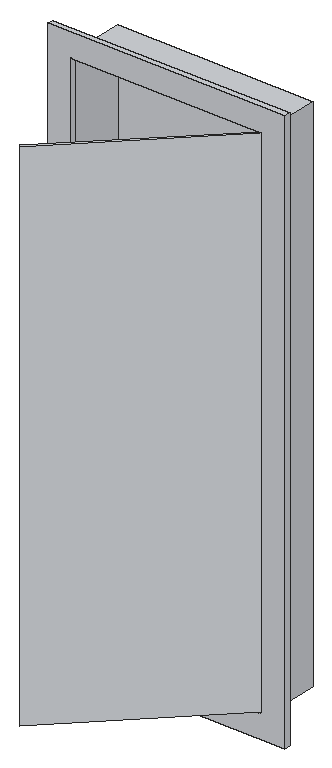
Revit family "Hager-Volta-IP30-Hollow_wall-leer-NoHosted-DE-de", category Electrical Equipment, Revit 2020
Family settings
  Panel Configuration = Two Columns, Circuits Across
  Round Connector Dimension = Use Diameter
  Part Type = Panelboard
  Work Plane-Based = Yes
  Always vertical = Yes
  Cut with Voids When Loaded = No
  Shared = No
  Room Calculation Point = No
Parameters (values of type "Unterputz IP30 B348 H880.5 T98 12 Teilungseinheiten - VH60WWV")
  Width Control [instance] = if([HG000006 - Unterputz], if([EF000846 - Einbaubreite] > min_whd, [EF000846 - Einbaubreite], min_whd), if([EF000008 - Breite] > min_whd, ([EF000008 - Breite]), min_whd))  # 314 mm
  Void Depth [instance] = if([EF000218 - Einbautiefe] > 1 mm, [EF000218 - Einbautiefe], 1 mm)  # 89 mm
  Type Comments = [HG000003 - Bereich]  # "Volta"
  System Height [instance] = Height Control - 2 * [HG000005 - Dicke]  # 839 mm
  Panel Name [instance] = ""  # (empty or 0)
  Offset [instance] = 0 mm
  Model = [HG000004 - Herstellerreferenz]  # "VH60WWV"
  Level Offset [instance] = [Flush Mounted - Door Frame Width] + Offset  # 35 mm
  HG000017 - Distanz zwischen den Polen = 18 mm
  HG000016 - 3D-Türsichtbarkeit [instance] = yes
  HG000015 - Sichtbarkeit der Türöffnung [instance] = no
  HG000014 - Tür rechts [instance] = yes
  HG000013 - Tür links [instance] = not([HG000014 - Tür rechts])  # no
  HG000012 - Türschwenkwinkel [instance] = 45.00°
  HG000011 - Leere Reihen von unten = no
  HG000010 - Asymmetrische Türen = no
  HG000009 - Doppelflügeligen Tür = no
  HG000008 - Anzahl der leeren Reihen = 0
  HG000007 - Anzahl der leeren Spalten = 0
  HG000006 - Unterputz = yes
  HG000005 - Dicke = 3 mm  # constant formula
  HG000004 - Herstellerreferenz = "VH60WWV"
  HG000003 - Bereich = "Volta"
  HG000002 - Mit tür = yes
  HG000001 - Anzahl der Spalten = 0
  EF015941 - Signaldurchlassende Tür = yes
  EF015777 - Neutralleiterklemmenblock = no
  EF015776 - Erdungsklemmenblock = no
  EF009212 - Ausführung Deckel = "EV009916 - mit Ausschnitt"
  EF006306 - Mit Schloss = no
  EF006244 - Transparenter Deckel/Tür = no
  EF005474 - Schutzart (IP) = "EV006410 - IP30"
  EF004462 - Art der Schließung = "EV000154 - sonstige"
  EF002950 - Breite in Teilungseinheiten = 12
  EF001596 - Werkstoff des Gehäuses = "EV000154 - sonstige"
  EF001134 - DIN-Schiene = yes
  EF001131 - Innentiefe = 92 mm
  EF001088 - Anbaumöglichkeit = yes
  EF001062 - EMV-Ausführung = no
  EF000846 - Einbaubreite = 314 mm
  EF000339 - Art der Abdeckung = "EV004216 - Tür"
  EF000332 - Einbauhöhe = 845 mm
  EF000266 - Anzahl der Reihen = 0
  EF000218 - Einbautiefe = 89 mm
  EF000118 - Mit Montageplatte = yes
  EF000116 - RAL-Nummer = "9010"
  EF000049 - Tiefe = 98 mm
  EF000040 - Höhe = 880 mm
  EF000008 - Breite = 348 mm
  EF000007 - Farbe = "EV000202 - weiß"
  EF000003 - Montageart = "EV000128 - Hohlwand"
  Description = ""
  Default Elevation = 1219.2 mm
  Arrow Offset [instance] = Depth Control / 8  # 11.125 mm
  Arrow Height [instance] = Depth Control - Arrow Offset  # 77.875 mm
  Host Offset [instance] = if([HG000006 - Unterputz], 0 mm, [EF000049 - Tiefe])  # 0 mm
  min_whd [instance] = (2 * [HG000005 - Dicke]) + 1 mm  # 7 mm
  Manufacturer = "Hager"  # constant formula
  Height Control [instance] = if([HG000006 - Unterputz], if([EF000332 - Einbauhöhe] > min_whd, [EF000332 - Einbauhöhe], min_whd), if([EF000040 - Höhe] > min_whd, ([EF000040 - Höhe]), min_whd))  # 845 mm
  Flush Mounted - Door Frame Width [instance] = if(([EF000040 - Höhe] - [EF000332 - Einbauhöhe]) > 0 mm, if([HG000006 - Unterputz], [EF000040 - Höhe] - [EF000332 - Einbauhöhe], 0 mm), 0 mm)  # 35 mm
  Depth Control [instance] = if([HG000006 - Unterputz], if([EF000218 - Einbautiefe] > 0 mm, [EF000218 - Einbautiefe], 1 mm), if([EF000049 - Tiefe] > 0 mm, ([EF000049 - Tiefe]), 1 mm))  # 89 mm
Types (22, lengths in mm): name | Void Depth | System Height | Model | Level Offset | HG000004 - Herstellerreferenz | HG000002 - Mit tür | EF015941 - Signaldurchlassende Tür | EF009212 - Ausführung Deckel | EF005474 - Schutzart (IP) | EF004462 - Art der Schließung | EF001596 - Werkstoff des Gehäuses | EF001134 - DIN-Schiene | EF001062 - EMV-Ausführung | EF000339 - Art der Abdeckung | EF000332 - Einbauhöhe | EF000266 - Anzahl der Reihen | EF000218 - Einbautiefe | EF000118 - Mit Montageplatte | EF000049 - Tiefe | EF000040 - Höhe | EF000008 - Breite | Arrow Offset | Arrow Height | Height Control | Flush Mounted - Door Frame Width | Depth Control
  Unterputz  B330 H355 T94.5 12 Teilungseinheiten - VH12NK | 90 | 340 | "VH12NK" | 9 | "VH12NK" | no | no | "EV000116 - geschlossen" | "" | "" | "EV000139 - Kunststoff" | no | yes | "" | 346 | 1 | 90 | no | 94 | 355 | 330 | 11.25 | 78.75 | 346 | 9 | 90
  Unterputz  B330 H484 T94.5 12 Teilungseinheiten - VH24NK | 90 | 465 | "VH24NK" | 13 | "VH24NK" | no | no | "EV000116 - geschlossen" | "" | "" | "EV000139 - Kunststoff" | no | yes | "" | 471 | 2 | 90 | no | 94 | 484 | 330 | 11.25 | 78.75 | 471 | 13 | 90
  Unterputz  B330 H609 T94.5 12 Teilungseinheiten - VH36NK | 90 | 590 | "VH36NK" | 13 | "VH36NK" | no | no | "EV000116 - geschlossen" | "" | "" | "EV000139 - Kunststoff" | no | yes | "" | 596 | 3 | 90 | no | 94 | 609 | 330 | 11.25 | 78.75 | 596 | 13 | 90
  Unterputz  B330 H734 T94.5 12 Teilungseinheiten - VH48NK | 90 | 715 | "VH48NK" | 13 | "VH48NK" | no | no | "EV000116 - geschlossen" | "" | "" | "EV000139 - Kunststoff" | no | yes | "" | 721 | 4 | 90 | no | 94 | 734 | 330 | 11.25 | 78.75 | 721 | 13 | 90
  Unterputz  B330 H880 T94.5 12 Teilungseinheiten - VH60NK | 90 | 840 | "VH60NK" | 34 | "VH60NK" | no | no | "EV000116 - geschlossen" | "" | "" | "EV000139 - Kunststoff" | no | yes | "" | 846 | 5 | 90 | no | 94 | 880 | 330 | 11.25 | 78.75 | 846 | 34 | 90
  Unterputz  B348 H880 T94.5 12 Teilungseinheiten - VH60NKM | 90 | 840 | "VH60NKM" | 34 | "VH60NKM" | no | no | "EV000116 - geschlossen" | "" | "" | "EV000139 - Kunststoff" | yes | no | "" | 846 | 5 | 90 | yes | 94 | 880 | 348 | 11.25 | 78.75 | 846 | 34 | 90
  Unterputz IP30 B348 H505.5 T98 12 Teilungseinheiten - VH24NWB | 89 | 464 | "VH24NWB" | 36 | "VH24NWB" | yes | no | "EV009916 - mit Ausschnitt" | "EV006410 - IP30" | "EV000154 - sonstige" | "EV000154 - sonstige" | yes | no | "EV004216 - Tür" | 470 | 0 | 89 | yes | 98 | 506 | 348 | 11.125 | 77.875 | 470 | 36 | 89
  Unterputz IP30 B348 H630.5 T98 12 Teilungseinheiten - VH36NKM | 89 | 589 | "VH36NKM" | 35 | "VH36NKM" | no | no | "EV000116 - geschlossen" | "EV006410 - IP30" | "" | "EV000139 - Kunststoff" | yes | no | "" | 595 | 0 | 89 | yes | 98 | 630 | 348 | 11.125 | 77.875 | 595 | 35 | 89
  Unterputz IP30 B348 H630.5 T98 12 Teilungseinheiten - VH36NW | 89 | 589 | "VH36NW" | 35 | "VH36NW" | yes | no | "EV009916 - mit Ausschnitt" | "EV006410 - IP30" | "EV000154 - sonstige" | "EV000154 - sonstige" | yes | no | "EV004216 - Tür" | 595 | 0 | 89 | yes | 98 | 630 | 348 | 11.125 | 77.875 | 595 | 35 | 89
  Unterputz IP30 B348 H630.5 T98 12 Teilungseinheiten - VH36NWB | 89 | 589 | "VH36NWB" | 35 | "VH36NWB" | yes | no | "EV009916 - mit Ausschnitt" | "EV006410 - IP30" | "EV000154 - sonstige" | "EV000154 - sonstige" | yes | no | "EV004216 - Tür" | 595 | 0 | 89 | yes | 98 | 630 | 348 | 11.125 | 77.875 | 595 | 35 | 89
  Unterputz IP30 B348 H630.5 T98 12 Teilungseinheiten - VH36WWH | 89 | 589 | "VH36WWH" | 35 | "VH36WWH" | yes | yes | "EV009916 - mit Ausschnitt" | "EV006410 - IP30" | "EV000154 - sonstige" | "EV000154 - sonstige" | yes | no | "EV004216 - Tür" | 595 | 0 | 89 | yes | 98 | 630 | 348 | 11.125 | 77.875 | 595 | 35 | 89
  Unterputz IP30 B348 H755.5 T98 12 Teilungseinheiten - VH48MMV | 89 | 714 | "VH48MMV" | 36 | "VH48MMV" | yes | no | "EV009916 - mit Ausschnitt" | "EV006410 - IP30" | "EV000154 - sonstige" | "EV000154 - sonstige" | yes | no | "EV004216 - Tür" | 720 | 0 | 89 | yes | 98 | 756 | 348 | 11.125 | 77.875 | 720 | 36 | 89
  Unterputz IP30 B348 H755.5 T98 12 Teilungseinheiten - VH48NKM | 89 | 714 | "VH48NKM" | 36 | "VH48NKM" | no | no | "EV000116 - geschlossen" | "EV006410 - IP30" | "" | "EV000139 - Kunststoff" | yes | no | "" | 720 | 0 | 89 | yes | 98 | 756 | 348 | 11.125 | 77.875 | 720 | 36 | 89
  Unterputz IP30 B348 H755.5 T98 12 Teilungseinheiten - VH48NW | 89 | 714 | "VH48NW" | 36 | "VH48NW" | yes | no | "EV009916 - mit Ausschnitt" | "EV006410 - IP30" | "EV000154 - sonstige" | "EV000154 - sonstige" | yes | no | "EV004216 - Tür" | 720 | 0 | 89 | yes | 98 | 756 | 348 | 11.125 | 77.875 | 720 | 36 | 89
  Unterputz IP30 B348 H755.5 T98 12 Teilungseinheiten - VH48NWB | 89 | 714 | "VH48NWB" | 36 | "VH48NWB" | yes | no | "EV009916 - mit Ausschnitt" | "EV006410 - IP30" | "EV000154 - sonstige" | "EV000154 - sonstige" | yes | no | "EV004216 - Tür" | 720 | 0 | 89 | yes | 98 | 756 | 348 | 11.125 | 77.875 | 720 | 36 | 89
  Unterputz IP30 B348 H755.5 T98 12 Teilungseinheiten - VH48WWH | 89 | 714 | "VH48WWH" | 36 | "VH48WWH" | yes | yes | "EV009916 - mit Ausschnitt" | "EV006410 - IP30" | "EV000154 - sonstige" | "EV000154 - sonstige" | yes | no | "EV004216 - Tür" | 720 | 0 | 89 | yes | 98 | 756 | 348 | 11.125 | 77.875 | 720 | 36 | 89
  Unterputz IP30 B348 H755.5 T98 12 Teilungseinheiten - VH48WWV | 89 | 714 | "VH48WWV" | 36 | "VH48WWV" | yes | yes | "EV009916 - mit Ausschnitt" | "EV006410 - IP30" | "EV000154 - sonstige" | "EV000154 - sonstige" | yes | no | "EV004216 - Tür" | 720 | 0 | 89 | yes | 98 | 756 | 348 | 11.125 | 77.875 | 720 | 36 | 89
  Unterputz IP30 B348 H880.5 T98 12 Teilungseinheiten - VH60MMV | 89 | 839 | "VH60MMV" | 35 | "VH60MMV" | yes | no | "EV009916 - mit Ausschnitt" | "EV006410 - IP30" | "EV000154 - sonstige" | "EV000154 - sonstige" | yes | no | "EV004216 - Tür" | 845 | 0 | 89 | yes | 98 | 880 | 348 | 11.125 | 77.875 | 845 | 35 | 89
  Unterputz IP30 B348 H880.5 T98 12 Teilungseinheiten - VH60NW | 89 | 839 | "VH60NW" | 35 | "VH60NW" | yes | no | "EV009916 - mit Ausschnitt" | "EV006410 - IP30" | "EV000154 - sonstige" | "EV000154 - sonstige" | yes | no | "EV004216 - Tür" | 845 | 0 | 89 | yes | 98 | 880 | 348 | 11.125 | 77.875 | 845 | 35 | 89
  Unterputz IP30 B348 H880.5 T98 12 Teilungseinheiten - VH60NWB | 89 | 839 | "VH60NWB" | 35 | "VH60NWB" | yes | no | "EV009916 - mit Ausschnitt" | "EV006410 - IP30" | "EV000154 - sonstige" | "EV000154 - sonstige" | yes | no | "EV004216 - Tür" | 845 | 0 | 89 | yes | 98 | 880 | 348 | 11.125 | 77.875 | 845 | 35 | 89
  Unterputz IP30 B348 H880.5 T98 12 Teilungseinheiten - VH60WWH | 89 | 839 | "VH60WWH" | 35 | "VH60WWH" | yes | yes | "EV009916 - mit Ausschnitt" | "EV006410 - IP30" | "EV000154 - sonstige" | "EV000154 - sonstige" | yes | no | "EV004216 - Tür" | 845 | 0 | 89 | yes | 98 | 880 | 348 | 11.125 | 77.875 | 845 | 35 | 89
  Unterputz IP30 B348 H880.5 T98 12 Teilungseinheiten - VH60WWV | 89 | 839 | "VH60WWV" | 35 | "VH60WWV" | yes | yes | "EV009916 - mit Ausschnitt" | "EV006410 - IP30" | "EV000154 - sonstige" | "EV000154 - sonstige" | yes | no | "EV004216 - Tür" | 845 | 0 | 89 | yes | 98 | 880 | 348 | 11.125 | 77.875 | 845 | 35 | 89
Reference planes
  plane 1 "Center (Front/Back)": y = 0
  plane 2: z = 0
  plane 3 "Center (Left/Right)": x = 0
  plane 4: y = 38
  plane 5: y = 89
  plane 6: y = 35
  plane 7: z = 0
  plane 8: x = -157
  plane 9: x = 157
  plane 10: x = 154
  plane 11: x = -154
  plane 12: z = 35
  plane 13: z = 38
  plane 14: y = 5
  plane 15: y = 0
  plane 16: y = 86
  plane 17: z = 877
  plane 18: z = 880
  plane 19: z = 457.5
  plane 20: x = 0
  plane 21: y = -100
Forms (mm)
  Extrusion 1, solid
    sketch origin (-208.679, -4572, 35) x (-1, 0, 0) y (0, -1, 0)
      loop
        line (-51.679, -4572) -> (-365.679, -4572) -> (-365.679, -4661) -> (-51.679, -4661) -> (-51.679, -4572)
    from 0 to 845 <- "Height Control"
  Extrusion 2, void
    sketch origin (-350.771, 0, 1219.2) x (1, 0, 0) y (0, 0, 1)
      loop
        line (196.771, -342.2) -> (196.771, -1181.2) -> (504.771, -1181.2) -> (504.771, -342.2) -> (196.771, -342.2)
    from 0 to -86
  Extrusion 3, solid, detail levels coarse+medium
    sketch origin (-350.771, 0, 1219.2) x (-1, 0, 0) y (0, 0, 1)
      loop
        line (-196.771, -342.2) -> (-504.771, -342.2) -> (-504.771, -1181.2) -> (-196.771, -1181.2) -> (-196.771, -342.2)
    from 0 to 3 <- "HG000005 - Dicke"
Cuts and joins
  Extrusion 2 cuts Extrusion 1
Dimensions and locks
  "Flush Mounted - Door Frame Width": plane 1 "Center (Front/Back)" to plane 6
  "HG000005 - Dicke": plane 4 to plane 6
  "HG000005 - Dicke": plane 8 to plane 11
  "HG000005 - Dicke": plane 9 to plane 10
  equal spacing: plane 8, plane 3 "Center (Left/Right)", plane 9
  "Width Control": plane 8 to plane 9
  locked: plane 14 to plane 15 at 5
  "Host Offset": plane 1 "Center (Front/Back)" to plane 15
  "Depth Control": plane 5 to plane 15
  "HG000005 - Dicke": plane 5 to plane 16
  "HG000005 - Dicke": plane 13 to plane 12
  "Level Offset": plane 12 to level
  "HG000005 - Dicke": plane 18 to plane 17
  "Height Control": plane 18 to plane 12
  "Arrow Offset": plane 5 to nested 4
  equal spacing: plane 18, plane 19, plane 12
  locked: connector elem to plane 19
  locked: connector elem to plane 3 "Center (Left/Right)"
  aligned and locked: nested 1 to plane 14
  aligned and locked: plane 3 "Center (Left/Right)" to nested 1
  aligned and locked: plane 3 "Center (Left/Right)" to nested 2
  aligned and locked: nested 2 to plane 15
  aligned and locked: plane 5 to Extrusion 1
  aligned and locked: Extrusion 3 sketch curve to plane 17
  aligned and locked: Extrusion 3 sketch curve to plane 11
  aligned and locked: plane 13 to Extrusion 3 sketch curve
  aligned and locked: Extrusion 3 sketch curve to plane 10
  aligned and locked: plane 13 to Extrusion 2 sketch curve
  aligned and locked: Extrusion 2 sketch curve to plane 10
  aligned and locked: Extrusion 2 sketch curve to plane 17
  aligned and locked: Extrusion 2 sketch curve to plane 11
  aligned and locked: plane 16 to Extrusion 2
  aligned and locked: plane 5 to Extrusion 1 sketch curve
  aligned and locked: plane 9 to Extrusion 1 sketch curve
  aligned and locked: plane 8 to Extrusion 1 sketch curve
  aligned and locked: plane 8 to nested 4
  aligned and locked: plane 8 to nested 3
  aligned and locked: nested 3 to plane 5
  aligned and locked: Extrusion 1 sketch curve to plane 15
  aligned and locked: Extrusion 2 to plane 15
Nested families
  nested 1: "Hager_Enclosure_System" at (0, 5, 38), Flush_Mounted <- "HG000006 - Unterputz", Width <- "EF000008 - Breite", Height <- "System Height", Width_Control <- "Width Control", Row_Module_Multiplicator <- "EF002950 - Breite in Teilungseinheiten", Empty_Columns <- "HG000007 - Anzahl der leeren Spalten", Built-in_Width <- "EF000846 - Einbaubreite", Border <- "HG000005 - Dicke", Total_No_Empty_Rows <- "HG000008 - Anzahl der leeren Reihen", Depth <- "HG000005 - Dicke", Empty_Rows_From_Bottom <- "HG000011 - Leere Reihen von unten", Distance_Between_Poles <- "HG000017 - Distanz zwischen den Polen", Rows_Count <- "EF000266 - Anzahl der Reihen", Columns_Count <- "HG000001 - Anzahl der Spalten", type "Hager_Enclosure_System", detail levels medium+fine
    with Width_Control 314 mm, Width 348 mm, Total_No_Rows 0, Total_No_Empty_Rows 0, Total_No_Columns 1, System_Width 308 mm, Rows_Count 0, Rows_Column 0, Row_Module_Multiplicator 12, Panel_4 no, Panel_3 no, Panel_2 no, Panel_1 no, No_Panels_Ctrl 1, Hide_Columns yes, Height 839 mm, Flush_Mounted yes, Empty_Rows_From_Bottom no, Empty_Rows_Column 0, Empty_Columns 0, Distance_Between_Poles 18 mm, Depth 3 mm, Columns_Count 0, Column_Width 308 mm, Built-in_Width 314 mm, Border 3 mm
  nested 2: "Hager_Enclosure_Door" at (0, 0, 35), Double <- "HG000009 - Doppelflügeligen Tür", Height_Ctrl <- "Height Control", Transparent <- "EF006244 - Transparenter Deckel/Tür", Depth <- "EF000049 - Tiefe", Height <- "EF000040 - Höhe", Angle <- "HG000012 - Türschwenkwinkel", Door_Right <- "HG000014 - Tür rechts", Assymetrical <- "HG000010 - Asymmetrische Türen", Flush_Mounted <- "HG000006 - Unterputz", BuiltIn_Depth <- "EF000218 - Einbautiefe", BuiltIn_Width <- "EF000846 - Einbaubreite", Door <- "HG000002 - Mit tür", Width_Ctrl <- "Width Control", 3d_Door <- "HG000016 - 3D-Türsichtbarkeit", Width <- "EF000008 - Breite", Border <- "HG000005 - Dicke", BuiltIn_Height <- "EF000332 - Einbauhöhe", Clearance <- "HG000015 - Sichtbarkeit der Türöffnung", Door_Left <- "HG000013 - Tür links", type "Hager_Enclosure_Door", detail levels medium+fine
    with min_wh 7 mm, Width_Ctrl 314 mm, Width 348 mm, Transparent_Door_No_Bottom_Border no, Transparent no, Leaf_Width 305 mm, Leaf_Tolerance 1.5 mm, Leaf_Height 836 mm, Leaf_2_Width 305 mm, Leaf_2_Offset 152.5 mm, Leaf_1_Width 305 mm, Leaf_1_Offset 152.5 mm, Height_Ctrl 845 mm, Height 880 mm, Frame_Width_Ctrl 34 mm, Frame_Width 34 mm, Frame_Internal_Offset 3 mm, Frame_Height_Ctrl 35 mm, Frame_Height 35 mm, Frame_Depth_Ctrl 9 mm, Frame_Depth 9 mm, Flush_Mounted yes, Double_Clearance_Ctrl no, Double no, Door_Right_Ctrl yes, Door_Right yes, Door_Left_Ctrl no, Door_Left no, Door yes, Depth 98 mm, Clearance_Depth 305 mm, Clearance_Ctrl no, Clearance no, BuiltIn_Width 314 mm, BuiltIn_Height 845 mm, BuiltIn_Depth 89 mm, Border 3 mm, Assymetrical no, Angle 45.00°, 3d_Door yes
  nested 3: "Hager_Enclosure_Symbol_Triangle" at (-157, 89, 0), Depth <- "Depth Control", Width <- "Width Control", type "Hager_Enclosure_Symbol_Triangle"
    with Width_Ctrl 314 mm, Width 314 mm, Depth_Ctrl 89 mm, Depth 89 mm
  nested 4: "Hager_Enclosure_Symbol_Arrow" at (-157, 77.875, 0), Height <- "Arrow Height", type "Hager_Enclosure_Symbol_Arrow"
    with Width_Inside 5.841 mm, Width 70.087 mm, Height_Ctrl 77.875 mm, Height 77.875 mm
Connectors
  electrical at (0, 89, 457.5)
    settings: on plane 5, index 1, voltage 0 V, apparent load 0 VA, apparent load phase1 0 VA, apparent load phase2 0 VA, apparent load phase3 0 VA, power factor 1, load classification "Other", number of poles 1, system type 30, power factor state 1, is connector primary yes, connector utility no, sub classification motor no, connector description ""
Definition of nested family "Hager_Enclosure_Door"
  Parameters (values of type "Hager_Enclosure_Door")
    min_wh [instance] = (2 * Border) + 1 mm  # 11 mm
    Width_Ctrl [instance] = 400 mm
    Width [instance] = 500 mm
    Transparent_Door_No_Bottom_Border [instance] = no
    Transparent [instance] = yes
    Leaf_Width [instance] = if((Width_Ctrl - 2 * Border - 2 * Leaf_Tolerance) > 0 mm, (Width_Ctrl - 2 * Border - 2 * Leaf_Tolerance), min_wh)  # 387 mm
    Leaf_Tolerance [instance] = 1.5 mm  # constant formula
    Leaf_Height [instance] = if((Height_Ctrl - 2 * Border - 2 * Leaf_Tolerance) > 0 mm, (Height_Ctrl - 2 * Border - 2 * Leaf_Tolerance), min_wh)  # 387 mm
    Leaf_2_Width [instance] = if(and(and(Double, Assymetrical), Door_Left), (Leaf_Width / 3) - (Leaf_Tolerance / 2), if(and(and(Double, Assymetrical), Door_Right), (Leaf_Width / 3) * 2 - (Leaf_Tolerance / 2), if(and(Double, not(Assymetrical)), (Leaf_Width / 2) - Leaf_Tolerance, Leaf_Width)))  # 387 mm
    Leaf_2_Offset [instance] = if(and(Double, Assymetrical), Leaf_2_Width / 2, if(and(Double, not(Assymetrical)), Leaf_Width / 4, Leaf_Width / 2))  # 193.5 mm
    Leaf_1_Width [instance] = if(and(and(Double, Assymetrical), Door_Right), (Leaf_Width / 3) - (Leaf_Tolerance / 2), if(and(and(Double, Assymetrical), Door_Left), (Width / 3) * 2 - (Leaf_Tolerance / 2), if(and(Double, not(Assymetrical)), (Leaf_Width / 2) - Leaf_Tolerance, Leaf_Width)))  # 387 mm
    Leaf_1_Offset [instance] = if(and(Double, Assymetrical), Leaf_1_Width / 2, if(and(Double, not(Assymetrical)), Leaf_Width / 4, Leaf_Width / 2))  # 193.5 mm
    Height_Ctrl [instance] = 400 mm
    Height [instance] = 500 mm
    Frame_Width_Ctrl [instance] = if(Frame_Width > 0 mm, Frame_Width, 1 mm)  # 1 mm
    Frame_Width [instance] = Width - BuiltIn_Width  # 0 mm
    Frame_Internal_Offset [instance] = if(Flush_Mounted, Border, 0 mm)  # 5 mm
    Frame_Height_Ctrl [instance] = if(Frame_Height > 0 mm, Frame_Height, 1 mm)  # 1 mm
    Frame_Height [instance] = Height - BuiltIn_Height  # 0 mm
    Frame_Depth_Ctrl [instance] = if(Frame_Depth > 0 mm, Frame_Depth, 1 mm)  # 1 mm
    Frame_Depth [instance] = if(Depth - BuiltIn_Depth > 0 mm, if(Flush_Mounted, Depth - BuiltIn_Depth, 0 mm), 0 mm)  # 0 mm
    Flush_Mounted [instance] = yes
    Double_Clearance_Ctrl [instance] = and(Double, Clearance)  # no
    Double [instance] = no
    Door_Right_Ctrl [instance] = and(or(Door_Right, Double), Door)  # yes
    Door_Right [instance] = yes
    Door_Left_Ctrl [instance] = and(or(Door_Left, Double), Door)  # no
    Door_Left [instance] = no
    Door [instance] = yes
    Depth [instance] = 500 mm
    Default Elevation = 1219.2 mm
    Clearance_Material = none
    Clearance_Depth [instance] = if(Leaf_1_Width > Leaf_2_Width, Leaf_1_Width, Leaf_2_Width)  # 387 mm
    Clearance_Ctrl [instance] = and(not(Double), Clearance)  # yes
    Clearance [instance] = yes
    BuiltIn_Width [instance] = 500 mm
    BuiltIn_Height [instance] = 500 mm
    BuiltIn_Depth [instance] = 500 mm
    Border [instance] = 5 mm
    Assymetrical [instance] = yes
    Angle [instance] = 30.00°
    3d_Door [instance] = yes
  Reference planes
    plane 1 "Center (Front/Back)": y = 0
    plane 2 "Bottom": z = 0
    plane 3 "Center (Left/Right)": x = 0
    plane 4: z = 400
    plane 5: x = -200
    plane 6: x = 200
    plane 7: z = 395
    plane 8: x = -195
    plane 9: z = 5
    plane 10: x = 195
    plane 11: y = 0
    plane 12: z = 6.5
    plane 13: x = -582
    plane 14: y = -387
    plane 15: x = 582
    plane 16: x = 0
    plane 17: x = 0
    plane 18: x = -193.5
    plane 19: x = 193.5
    plane 20: z = 393.5
  Forms (mm)
    Extrusion 1, solid, visible <- "Flush_Mounted"
      sketch origin (0, 0, 0) x (1, 0, 0) y (0, 0, 1)
        loop
          line (195, 5) -> (195, 395) -> (-195, 395) -> (-195, 5) -> (195, 5)
        loop
          line (-201, 401) -> (-201, -1) -> (201, -1) -> (201, 401) -> (-201, 401)
      from 0 to 1 <- "Frame_Depth_Ctrl"
    Extrusion 2, solid, material <- "Clearance_Material", visible <- "Double_Clearance_Ctrl"
      sketch origin (1200, 0, 0) x (1, 0, 0) y (0, 0, -1)
        loop
          line (-1782, -393.5) -> (-618, -393.5) -> (-618, 0) -> (-1782, 0) -> (-1782, -393.5)
      from 0 to -387
  Dimensions and locks
    equal spacing: plane 5, plane 3 "Center (Left/Right)", plane 6
    "Width_Ctrl": plane 5 to plane 6
    "Border": plane 5 to plane 8
    "Border": plane 6 to plane 10
    "Border": plane 9 to level
    "Border": plane 4 to plane 7
    "Height_Ctrl": plane 4 to level
    "Leaf_Tolerance": plane 12 to plane 9
    "Frame_Depth": plane 11 to plane 1 "Center (Front/Back)"
    "Frame_Width_Ctrl": plane 5 to Extrusion 1 sketch curve
    "Frame_Width_Ctrl": plane 6 to Extrusion 1 sketch curve
    "Frame_Width_Ctrl": Extrusion 1 sketch curve to plane 4
    "Frame_Width_Ctrl": plane 2 "Bottom" to Extrusion 1 sketch curve
    "Leaf_1_Offset": plane 18 to plane 16
    "Leaf_2_Offset": plane 17 to plane 19
    "Leaf_1_Width": plane 13 to plane 8
    "Leaf_2_Width": plane 10 to plane 15
    "Clearance_Depth": plane 14 to plane 1 "Center (Front/Back)"
    "Leaf_Tolerance": plane 8 to plane 18
    "Leaf_Tolerance": plane 19 to plane 10
    "Leaf_Tolerance": plane 7 to plane 20
    "Frame_Internal_Offset": plane 5 to Extrusion 1 sketch curve
    "Frame_Internal_Offset": Extrusion 1 sketch curve to plane 2 "Bottom"
    "Frame_Internal_Offset": plane 6 to Extrusion 1 sketch curve
    "Frame_Internal_Offset": plane 4 to Extrusion 1 sketch curve
    aligned and locked: level to plane 2 "Bottom"
    aligned and locked: nested 1 to plane 16
    aligned and locked: nested 2 to plane 17
    aligned and locked: Extrusion 2 to plane 13
    aligned and locked: plane 15 to Extrusion 2
    aligned and locked: Extrusion 2 to plane 14
    aligned and locked: plane 12 to nested 1
    aligned and locked: nested 2 to plane 12
    aligned and locked: Extrusion 2 to plane 11
    aligned and locked: plane 20 to Extrusion 2
    aligned and locked: nested 2 to plane 11
    aligned and locked: nested 1 to plane 11
  Automatic sketch dimensions
    Extrusion 2 sketch curve to level = 0 mm
    plane 5 to Extrusion 2 sketch curve = 382 mm
    plane 6 to Extrusion 2 sketch curve = 382 mm
    Extrusion 2 sketch curve to plane 4 = 6.5 mm
  Nested families
    nested 1: "Hager_Enclosure_Door_Leaf" at (0, 0, 6.5), Width <- "Leaf_1_Width", visible <- "Door_Left_Ctrl", Leaf_Height <- "Leaf_Height", Angle <- "Angle", Depth <- "Border", 3d_Door <- "3d_Door", Transparent <- "Transparent", Clearance Material <- "Clearance_Material", Clearance <- "Clearance_Ctrl", Transparent_Door_No_Bottom_Border <- "Transparent_Door_No_Bottom_Border", type "Hager_Enclosure_Door_Leaf"
      with Width 387 mm, Transparent_Door_No_Bottom_Border no, Transparent_Door_Border_Bottom_Top 25 mm, Transparent_Door_Border 25 mm, Transparent_Ctrl yes, Transparent yes, Standard no, Leaf_Height 387 mm, Glass_Offset 1 mm, Depth 5 mm, Clearance Material none, Clearance yes, Angle_Ctrl 30.00°, Angle 30.00°, 3d_Door yes
    nested 2: "Hager_Enclosure_Door_Leaf" at (0, 0, 6.5) x (-1, 0, 0) z (0, 0, 1), Width <- "Leaf_2_Width", visible <- "Door_Right_Ctrl", Leaf_Height <- "Leaf_Height", Angle <- "Angle", Depth <- "Border", 3d_Door <- "3d_Door", Transparent <- "Transparent", Clearance Material <- "Clearance_Material", Clearance <- "Clearance_Ctrl", Transparent_Door_No_Bottom_Border <- "Transparent_Door_No_Bottom_Border", type "Hager_Enclosure_Door_Leaf"
      with Width 387 mm, Transparent_Door_No_Bottom_Border no, Transparent_Door_Border_Bottom_Top 25 mm, Transparent_Door_Border 25 mm, Transparent_Ctrl yes, Transparent yes, Standard no, Leaf_Height 387 mm, Glass_Offset 1 mm, Depth 5 mm, Clearance Material none, Clearance yes, Angle_Ctrl 30.00°, Angle 30.00°, 3d_Door yes
  Definition of nested family "Hager_Enclosure_Door_Leaf"
    Parameters (values of type "Hager_Enclosure_Door_Leaf")
      Width [instance] = 2000 mm
      Transparent_Door_No_Bottom_Border [instance] = yes
      Transparent_Door_Border_Bottom_Top [instance] = if(Transparent_Door_No_Bottom_Border, 0.1 mm, Transparent_Door_Border)  # 0.1 mm
      Transparent_Door_Border [instance] = if(Transparent_Door_No_Bottom_Border, (Width * 0.12), 25 mm)  # 240 mm
      Transparent_Ctrl [instance] = and(Transparent, [3d_Door])  # yes
      Transparent [instance] = yes
      Standard [instance] = and(not(Transparent), [3d_Door])  # no
      Leaf_Height [instance] = 2720.336 mm
      Glass_Offset [instance] = if((Depth - 10 mm) / 2 > 0 mm, (Depth - 10 mm) / 2, 1 mm)  # 15 mm
      Glass_Material = none
      Depth [instance] = 40 mm
      Default Elevation = 0 mm
      Clearance Material [instance] = none
      Clearance [instance] = yes
      Angle_Ctrl [instance] = if(Angle > 170.00°, 170.00°, Angle)  # 45.00°
      Angle [instance] = 45.00°
      3d_Door [instance] = yes
    Reference planes
      plane 1 "Center (Front/Back)": y = 0
      plane 2: z = 0
      plane 3 "Center (Left/Right)": x = 0
      plane 4: y = 2000
      plane 5: x = -1000
      plane 6: x = 1000
      plane 7: x = -3000
      plane 8: z = 2720.336
      plane 9: z = 0.1
      plane 10: z = 2720.236
      plane 11: x = 760
      plane 12: x = -760
    Forms (mm)
      Extrusion 1, solid, material <- "Clearance Material", visible <- "Clearance"
        sketch origin (0, 0, 0) x (1, 0, 0) y (0, 0, 1)
          loop
            line (-3000, 2720.336) -> (-3000, 0) -> (1000, 0) -> (1000, 2720.336) -> (-3000, 2720.336)
        from 0 to -2000
      Extrusion 2, solid, visible <- "Standard", detail levels medium+fine
        sketch origin (-1000, 0, 0) x (0.707107, 0.707107, 0) y (-0.707107, 0.707107, 0)
          loop
            line (0, -40) -> (2000, -40) -> (2000, 0) -> (0, 0) -> (0, -40)
        from 0 to 2720.336 <- "Leaf_Height"
      Extrusion 3, solid, visible <- "Transparent_Ctrl", detail levels medium+fine
        sketch origin (-1000, 0, 0) x (0.707107, 0.707107, 0) y (-0.707107, 0.707107, 0)
          loop
            line (0, -40) -> (2000, -40) -> (2000, 0) -> (0, 0) -> (0, -40)
        from 0 to 2720.336 <- "Leaf_Height"
      Extrusion 4, void, detail levels medium+fine
        sketch origin (-1000, 0, 0) x (-0.707107, 0.707107, 0) y (0.707107, 0.707107, 0)
          loop
            line (0, 240) -> (0, 1760) -> (-40, 1760) -> (-40, 240) -> (0, 240)
        from -2720.236 to -0.1
      Extrusion 5, solid, material <- "Glass_Material", visible <- "Transparent_Ctrl", detail levels medium+fine
        sketch origin (-1000, 0, 0) x (0.707107, 0.707107, 0) y (-0.707107, 0.707107, 0)
          loop
            line (240, -15) -> (240, -25) -> (1760, -25) -> (1760, -15) -> (240, -15)
        from 0.1 to 2720.236
    Cuts and joins
      Extrusion 4 cuts Extrusion 3
    Lines and regions (mm)
      symbolic lines
        curve 1: line (1000, 0, 0) -> (-3000, 0, 0)
        curve 2: arc (1000, 0, 0) -> (-1000, 2000, 0) -> (-3000, 0, 0) r 2000
        curve 4: line (-1000, 0, 0) -> (414.214, 1414.214, 0)
      reference lines
        curve 3: line (-1000, 0, 0) -> (414.214, 1414.214, 0)
      symbolic lines, detail levels medium+fine
        curve 5: line (414.214, 1414.214, 0) -> (442.498, 1385.929, 0)
        curve 6: line (442.498, 1385.929, 0) -> (-971.716, -28.284, 0)
        curve 7: line (-971.716, -28.284, 0) -> (-1000, 0, 0)
        curve 8: line (-1000, 0, 2720.336) -> (1000, 0, 2720.336)
        curve 9: line (-1000, 0, 0) -> (-1000, 0, 2720.336)
        curve 10: line (1000, 0, 0) -> (-1000, 0, 0)
        curve 11: line (1000, 0, 2720.336) -> (1000, 0, 0)
      symbolic lines, visible <- "Transparent_Ctrl", detail levels medium+fine
        curve 12: line (-760, 0, 2720.236) -> (760, 0, 2720.236)
        curve 13: line (-760, 0, 0.1) -> (-760, 0, 2720.236)
        curve 14: line (760, 0, 0.1) -> (-760, 0, 0.1)
        curve 15: line (760, 0, 2720.236) -> (760, 0, 0.1)
    Dimensions and locks
      "Width": plane 1 "Center (Front/Back)" to plane 4
      equal spacing: plane 5, plane 3 "Center (Left/Right)", plane 6
      "Width": plane 5 to plane 6
      "Width": plane 7 to plane 5
      "Leaf_Height": plane 8 to level
      "Depth": curve 6 to curve 3
      "Width": curve 5 to curve 3
      "Width": curve 3 to curve 3
      "Transparent_Door_Border": Extrusion 4 sketch curve to curve 7
      "Transparent_Door_Border": Extrusion 4 sketch curve to curve 5
      "Transparent_Door_Border_Bottom_Top": plane 8 to plane 10
      "Transparent_Door_Border_Bottom_Top": plane 9 to level
      "Glass_Offset": Extrusion 5 sketch curve to curve 4
      "Glass_Offset": Extrusion 5 sketch curve to curve 6
      "Transparent_Door_Border": Extrusion 5 sketch curve to curve 5
      "Transparent_Door_Border": Extrusion 5 sketch curve to curve 7
      "Transparent_Door_Border": plane 12 to plane 5
      "Transparent_Door_Border": plane 6 to plane 11
      "Angle_Ctrl": angle plane 1 "Center (Front/Back)" to curve 3
      aligned and locked: level to plane 2
      aligned and locked: Extrusion 1 to curve 1
      aligned and locked: plane 6 to Extrusion 1
      aligned and locked: Extrusion 1 to plane 1 "Center (Front/Back)"
      aligned and locked: plane 4 to Extrusion 1
      aligned and locked: plane 8 to Extrusion 1
      aligned and locked: curve 4 to curve 3
      aligned and locked: Extrusion 2 sketch curve to curve 7
      aligned and locked: Extrusion 2 sketch curve to curve 6
      aligned and locked: Extrusion 2 sketch curve to curve 5
      aligned and locked: Extrusion 2 sketch curve to curve 3
      aligned and locked: curve 7 to Extrusion 3 sketch curve
      aligned and locked: Extrusion 3 sketch curve to curve 4
      aligned and locked: Extrusion 3 sketch curve to curve 6
      aligned and locked: Extrusion 3 sketch curve to curve 5
      aligned and locked: curve 4 to Extrusion 4 sketch curve
      aligned and locked: curve 6 to Extrusion 4 sketch curve
      aligned and locked: Extrusion 4 to plane 9
      aligned and locked: Extrusion 4 to plane 10
      aligned and locked: Extrusion 5 to plane 9
      aligned and locked: Extrusion 5 to plane 10
      aligned and locked: curve 8 to plane 8
      aligned and locked: plane 5 to curve 9
      aligned and locked: plane 2 to curve 10
      aligned and locked: curve 11 to plane 6
      aligned and locked: plane 10 to curve 12
      aligned and locked: plane 12 to curve 13
      aligned and locked: curve 14 to plane 9
      aligned and locked: plane 11 to curve 15
    Automatic sketch dimensions
      plane 1 "Center (Front/Back)" to curve 2 = 0 mm
      curve 2 to plane 5 = 0 mm
      Extrusion 1 sketch curve to level = 0 mm
      Extrusion 1 sketch curve to plane 7 = 0 mm
      Extrusion 1 sketch curve to plane 6 = 0 mm
      Extrusion 1 sketch curve to plane 8 = 0 mm
      plane 1 "Center (Front/Back)" to curve 3 = 0 mm
      curve 3 to plane 5 = 0 mm
      curve 7 to curve 3 = 0 mm
Definition of nested family "Hager_Enclosure_Symbol_Triangle"
  Parameters (values of type "Hager_Enclosure_Symbol_Triangle")
    Width_Ctrl [instance] = if(Width > 1 mm, Width, 1 mm)  # 498 mm
    Width [instance] = 498 mm
    Depth_Ctrl [instance] = if(Depth > 1 mm, Depth, 1 mm)  # 72 mm
    Depth [instance] = 72 mm
  Reference planes
    plane 1 "Centre (avant/arrière)": y = 0
    plane 2: z = 0
    plane 3 "Centre (gauche/droite)": x = 0
  Lines and regions (mm)
    Filled region 1, type "Solid_Black", in view "Niveau de réf."
      outline origin (0, 0, 0) x (1, 0, 0) y (0, 1, 0)
        loop
          line (0, 0) -> (498, 0) -> (498, 72) -> (0, 0)
    reference lines, in view "Niveau de réf."
      curve 1: line (-206.153, 72, 0) -> (1083.258, 72, 0)
      curve 2: line (498, 405.456, 0) -> (498, -517.619, 0)
  Dimensions and locks
    "Depth_Ctrl": plane 1 "Centre (avant/arrière)" to curve 1
    "Width_Ctrl": plane 3 "Centre (gauche/droite)" to curve 2
    aligned and locked: curve 1 to Filled region 1 sketch curve
    aligned and locked: Filled region 1 sketch curve to plane 1 "Centre (avant/arrière)"
    aligned and locked: curve 2 to Filled region 1 sketch curve
    aligned and locked: plane 3 "Centre (gauche/droite)" to Filled region 1 sketch curve
    aligned and locked: plane 1 "Centre (avant/arrière)" to Filled region 1 sketch curve
  Automatic sketch dimensions
    curve 1 to plane 3 "Centre (gauche/droite)" = 206.153 mm
    curve 2 to curve 1 = 585.258 mm
    plane 1 "Centre (avant/arrière)" to curve 2 = 517.619 mm
    curve 2 to plane 1 "Centre (avant/arrière)" = 405.456 mm
Definition of nested family "Hager_Enclosure_Symbol_Arrow"
  Parameters (values of type "Hager_Enclosure_Symbol_Arrow")
    Width_Inside [instance] = if(Width / 12 > 2 mm, Width / 12, 2 mm)  # 4.987 mm
    Width [instance] = if(Height_Ctrl * 0.9 > 2 mm, Height_Ctrl * 0.9, 2 mm)  # 59.85 mm
    Height_Ctrl [instance] = if(Height > 2 mm, Height, 2 mm)  # 66.5 mm
    Height [instance] = 66.5 mm
  Reference planes
    plane 1 "Centre (avant/arrière)": y = 0
    plane 2: z = 0
    plane 3 "Centre (gauche/droite)": x = 0
    plane 4: x = 59.85
    plane 5: y = 28.263
    plane 6: y = 38.238
    plane 7: y = 66.5
    plane 8: x = 29.925
    plane 9: y = 33.25
  Lines and regions (mm)
    Filled region 1, type "Solid_Black", in view "Niveau de réf."
      outline origin (0, 0, 0) x (1, 0, 0) y (0, 1, 0)
        loop
          line (59.85, 66.5) -> (37.929, 52.827) -> (51.846, 41.935) -> (59.85, 66.5)
    detail lines, in view "Niveau de réf."
      curve 1: line (0, 0, 0) -> (29.925, 38.238, 0)
      curve 2: line (29.925, 38.238, 0) -> (29.925, 28.263, 0)
      curve 3: line (29.925, 28.263, 0) -> (59.85, 66.5, 0)
  Dimensions and locks
    "Width": plane 3 "Centre (gauche/droite)" to plane 4
    "Height_Ctrl": plane 7 to plane 1 "Centre (avant/arrière)"
    equal spacing: plane 3 "Centre (gauche/droite)", plane 8, plane 4
    equal spacing: plane 7, plane 9, plane 1 "Centre (avant/arrière)"
    equal spacing: plane 6, plane 9, plane 5
    "Width_Inside": plane 6 to plane 9
    equal spacing: curve 3, Filled region 1 sketch curve, Filled region 1 sketch curve
    angle Filled region 1 sketch curve to curve 3 = 20.00°
    angle curve 3 to Filled region 1 sketch curve = 20.00°
    locked: curve 3 to Filled region 1 sketch curve (angle 90.00°)
  Automatic sketch dimensions
    plane 1 "Centre (avant/arrière)" to curve 1 = 0 mm
    curve 1 to plane 3 "Centre (gauche/droite)" = 0 mm
    curve 2 to plane 6 = 0 mm
    curve 3 to plane 8 = 0 mm
    curve 3 to plane 4 = 0 mm
    curve 2 to plane 5 = 0 mm
    curve 3 to plane 7 = 0 mm
    Filled region 1 sketch curve to plane 4 = 0 mm
    Filled region 1 sketch curve to plane 7 = 0 mm
